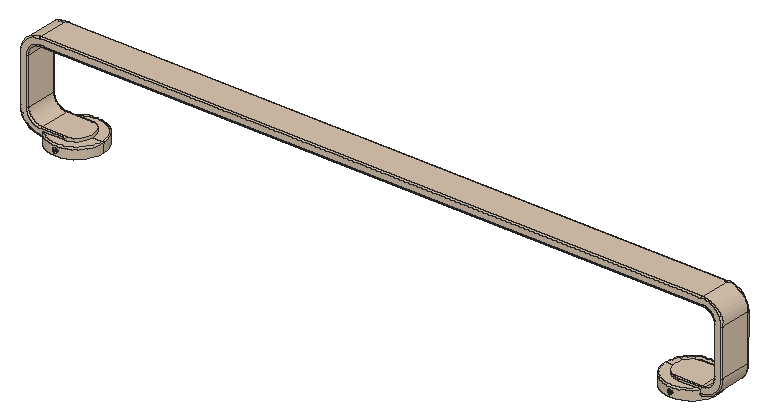
Revit family "Accessory-Towel_Bar-KALLISTA-Guise-P34246_1", category Specialty Equipment, host Face, Revit 2021
Family settings
  Host = Face
  Round Connector Dimension = Use Diameter
  Part Type = Normal
  OmniClass Number = 23.31.25.25
  OmniClass Title = Towel Bars
  Cut with Voids When Loaded = No
  Shared = No
  Room Calculation Point = No
Parameters (values of type "BAF-Brushed French Gold")
  Width = 3.65354"  # constant formula
  WaterSense Certified = 1 = 0  # no
  URL = "https://www.kallista.com/"
  Type = 1
  Product Page URL = ""
  Product Name = "Guise"  # constant formula
  Product Documentation Link = ""
  Model = if(Type = 1, "P34246-00-BAF", if(Type = 2, "P34246-00-BN", if(Type = 3, "P34246-00-CP", if(Type = 4, "P34246-00-PGP", if(Type = 5, "P34246-00-SN", "NA")))))  # "P34246-00-BAF"
  Material = "Premium Metal Construction"  # constant formula
  Master Format 2014 Name = "Toilet, Bath, and Laundry Accessories"  # constant formula
  Master Format 2014 = "10 28 00"  # constant formula
  Manufacturer Address = "444 Highland Dr, Kohler, WI 53044"  # constant formula
  Manufacturer = "Kallista Co."  # constant formula
  Length = 27.40551"  # constant formula
  Height = 2.09843"  # constant formula
  Finish = Kallista-Metal-BAF-Brushed_French_Gold
  Environmental Product Declaration = ""
  Description = "24 Inch Towel Bar"  # constant formula
  Default Elevation = 42"
  Declare Label = ""
  Date Modified = "07/08/2024"  # constant formula
  Date Created = "07/08/2024"  # constant formula
  Copyright = "Copyright Kallista Co."  # constant formula
  Contact Us = "https://www.kallista.com/corporate/contact-us/"
  Assembly Code = "C1030200"
  ADA Compliant = 1 = 0  # no
Types (6): name | Type | Model | Finish
  (no name) | 1 | "P34246-00-BAF" | Kallista-Metal-BAF-Brushed_French_Gold
  BAF-Brushed French Gold | 1 | "P34246-00-BAF" | Kallista-Metal-BAF-Brushed_French_Gold
  BN-Brushed Nickel | 2 | "P34246-00-BN" | Kallista-Metal-BN-Brushed_Nickel
  CP-Chrome | 3 | "P34246-00-CP" | Kallista-Metal-CP-Chrome
  PGP-Polished Graphite | 4 | "P34246-00-PGP" | Kallista-Metal-PGP-Polished_Graphite
  SN-Polished Nickel | 5 | "P34246-00-SN" | Kallista-Metal-SN-Polished_Nickel
Reference planes (in)
  plane 1 "Center (Front/Back)": y = 0
  plane 2: z = 0
  plane 3 "Center (Left/Right)": x = 0
  plane 4: y = 1.04921
  plane 5: y = -1.04921
  plane 6: y = 0.64961
  plane 7: y = -0.64961
  plane 8: x = -13.70276
  plane 9: x = 13.70276
  plane 10: x = -13.04921
  plane 11: x = -10.95079
  plane 12: x = 13.04921
  plane 13: x = 10.95079
  plane 14: z = 3.65354
  plane 15: z = 3.30709
  plane 16: z = 0.3937
  plane 17: x = 12
  plane 18: x = -12
Dimensions and locks (in)
  "Length": plane 8 to plane 9
  plane 10 to plane 11 = 2.09843"
  plane 18 to plane 17 = 24"
  level to plane 15 = 3.30709"
  "Width": plane 14 to level
  plane 6 to plane 7 = 1.29921"
  plane 16 to level = 0.3937"
  "Height": plane 4 to plane 5
  aligned and locked: plane 2 to host face
  aligned and locked: level to host face
  aligned and locked: plane 1 "Center (Front/Back)" to nested 1
  aligned and locked: plane 3 "Center (Left/Right)" to nested 1
Automatic sketch dimensions
  host sketch curve to host sketch curve = 96"  (x2)
Nested families (in)
  nested 1: "P34246" at (0, 0, 0), type "P34246"
Definition of nested family "P34246"
  Parameters
    Material = none
    Default Elevation = 0"
  Reference planes (in)
    plane 1 "Center (Front/Back)": y = 0
    plane 2: z = 0
    plane 3 "Center (Left/Right)": x = 0
    plane 4: z = 3.65354
    plane 5: y = 0.64961
    plane 6: y = -0.64961
    plane 7: y = -1.04921
    plane 8: y = 1.04921
    plane 9: z = 0.3937
    plane 10: z = 3.30709
    plane 11: x = -12
    plane 12: x = 12
    plane 13: x = -13.70276
    plane 14: x = 13.70276
    plane 15: x = -13.04921
    plane 16: x = -10.95079
    plane 17: x = 10.95079
    plane 18: x = 13.04921
  Forms (in)
    Extrusion 1, solid, material <- "Material", detail levels medium+fine
      sketch origin (0, 0, 0) x (0, 1, 0) y (0, 0, 1)
        loop
          line (0.60961, 3.63471) -> (-0.60961, 3.63471)
          arc (-0.60961, 3.63471) -> (-0.63789, 3.62299) -> (-0.64961, 3.59471) r 0.04
          line (-0.64961, 3.59471) -> (-0.64961, 3.35974)
          arc (-0.64961, 3.35974) -> (-0.63789, 3.33146) -> (-0.60961, 3.31974) r 0.04
          line (-0.60961, 3.31974) -> (0.60961, 3.31974)
          arc (0.60961, 3.31974) -> (0.63789, 3.33146) -> (0.64961, 3.35974) r 0.04
          line (0.64961, 3.35974) -> (0.64961, 3.59471)
          arc (0.64961, 3.59471) -> (0.63789, 3.62299) -> (0.60961, 3.63471) r 0.04
      from -12.8873 to 12.8873
    Sweep 2, solid, material <- "Material", detail levels medium+fine
      path origin (0, 0, 0) x (1, 0, 0) y (0, 0, 1)
        loop
          line (-12.8873, 3.63471) -> (-12.92881, 3.63471)
          arc (-12.92881, 3.63471) -> (-13.47925, 3.40671) -> (-13.70724, 2.85627) r 0.77844
          line (-13.70724, 2.85627) -> (-13.70724, 1.02981)
          arc (-13.70724, 1.02981) -> (-13.46047, 0.43403) -> (-12.8647, 0.18726) r 0.84255
          line (-12.8647, 0.18726) -> (-11.32719, 0.18726)
      profile origin (-12.8873, 0, 3.63471) x (0, 0, -1) y (0, -1, 0)
        loop
          line (0.27497, 0.64961) -> (0.04, 0.64961)
          arc (0.04, 0.64961) -> (0.01172, 0.63789) -> (0, 0.60961) r 0.04
          line (0, 0.60961) -> (0, -0.60961)
          arc (0, -0.60961) -> (0.01172, -0.63789) -> (0.04, -0.64961) r 0.04
          line (0.04, -0.64961) -> (0.27497, -0.64961)
          arc (0.27497, -0.64961) -> (0.30325, -0.63789) -> (0.31497, -0.60961) r 0.04
          line (0.31497, -0.60961) -> (0.31497, 0.60961)
          arc (0.31497, 0.60961) -> (0.30325, 0.63789) -> (0.27497, 0.64961) r 0.04
    Extrusion 3, void
      sketch origin (0, 0, 0) x (1, 0, 0) y (0, 1, 0)
        loop
          arc (-12.02082, 0.64961) -> (-11.37122, 0) -> (-12.02082, -0.64961) r 0.64961
          line (-12.02082, -0.64961) -> (-12.83382, -0.64961) -> (-12.83382, -0.91345) -> (-10.66847, -0.91345) -> (-10.66847, 0.90439) -> (-12.94692, 0.90439) -> (-12.94692, 0.64961) -> (-12.02082, 0.64961)
      from 0 to 0.91724
    Sweep 4, solid, material <- "Material", detail levels medium+fine
      path origin (0, 0, 0) x (-1, 0, 0) y (0, 0, -1)
        loop
          line (-12.8873, -3.63471) -> (-12.92881, -3.63471)
          arc (-12.92881, -3.63471) -> (-13.47925, -3.40671) -> (-13.70724, -2.85627) r 0.77844
          line (-13.70724, -2.85627) -> (-13.70724, -1.02981)
          arc (-13.70724, -1.02981) -> (-13.46047, -0.43403) -> (-12.8647, -0.18726) r 0.84255
          line (-12.8647, -0.18726) -> (-11.32719, -0.18726)
      profile origin (12.8873, 0, 3.63471) x (0, 0, 1) y (0, -1, 0)
        loop
          arc (-0.27497, 0.64961) -> (-0.30325, 0.63789) -> (-0.31497, 0.60961) r 0.04
          line (-0.31497, 0.60961) -> (-0.31497, -0.60961)
          arc (-0.31497, -0.60961) -> (-0.30325, -0.63789) -> (-0.27497, -0.64961) r 0.04
          line (-0.27497, -0.64961) -> (-0.04, -0.64961)
          arc (-0.04, -0.64961) -> (-0.01172, -0.63789) -> (0, -0.60961) r 0.04
          line (0, -0.60961) -> (0, 0.60961)
          arc (0, 0.60961) -> (-0.01172, 0.63789) -> (-0.04, 0.64961) r 0.04
          line (-0.04, 0.64961) -> (-0.27497, 0.64961)
    Extrusion 5, void
      sketch origin (0, 0, 0) x (-1, 0, 0) y (0, -1, 0)
        loop
          line (-12.02082, -0.64961) -> (-12.94692, -0.64961) -> (-12.94692, -0.90439) -> (-10.66847, -0.90439) -> (-10.66847, 0.91345) -> (-12.83382, 0.91345) -> (-12.83382, 0.64961) -> (-12.02082, 0.64961)
          arc (-12.02082, 0.64961) -> (-11.37122, 0) -> (-12.02082, -0.64961) r 0.64961
      from 0 to 0.91724
    Revolve 6, solid, material <- "Material", detail levels medium+fine
      sketch origin (0, 0, 0) x (1, 0, 0) y (0, 0, 1)
        loop
          line (-12, 0) -> (-10.95079, 0) -> (-10.95079, 0.34646)
          arc (-10.95079, 0.34646) -> (-10.96462, 0.37986) -> (-10.99803, 0.3937) r 0.04724
          line (-10.99803, 0.3937) -> (-12, 0.3937) -> (-12, 0)
        axis (-12, 0) -> (-12, 0.3937)
      angle from 0 to 360
    Revolve 7, solid, material <- "Material", detail levels medium+fine
      sketch origin (0, 0, 0) x (-1, 0, 0) y (0, 0, -1)
        loop
          line (-12, 0) -> (-12, -0.3937) -> (-10.99803, -0.3937)
          arc (-10.99803, -0.3937) -> (-10.96462, -0.37986) -> (-10.95079, -0.34646) r 0.04724
          line (-10.95079, -0.34646) -> (-10.95079, 0) -> (-12, 0)
        axis (-12, 0) -> (-12, -0.3937)
      angle from 0 to 360
    Extrusion 8, void
      sketch origin (0, 0, 0) x (1, 0, 0) y (0, 0, 1)
        loop
          circle (-12, 0.17906) r 0.09843
        loop
          circle (12, 0.17906) r 0.09843
      from 0.75807 to 1.15613
    Extrusion 9, solid, detail levels medium+fine
      sketch origin (0, 0, 0) x (1, 0, 0) y (0, 0, 1)
        loop
          circle (-12, 0.17906) r 0.07874
        loop
          line (-11.97159, 0.22827) -> (-12.02841, 0.22827) -> (-12.05683, 0.17906) -> (-12.02841, 0.12984) -> (-11.97159, 0.12984) -> (-11.94317, 0.17906) -> (-11.97159, 0.22827)
        loop
          circle (12, 0.17906) r 0.07874
        loop
          line (11.97159, 0.22827) -> (11.94317, 0.17906) -> (11.97159, 0.12984) -> (12.02841, 0.12984) -> (12.05683, 0.17906) -> (12.02841, 0.22827) -> (11.97159, 0.22827)
      from 0.9252 to 1.04921
    Sweep 10, solid, material <- "Material", detail levels coarse
      path origin (0, 0, 0) x (1, 0, 0) y (0, 0, 1)
        loop
          line (-11.28945, 0.18774) -> (-12.92592, 0.18774)
          arc (-12.92592, 0.18774) -> (-13.4827, 0.41836) -> (-13.71332, 0.97514) r 0.7874
          line (-13.71332, 0.97514) -> (-13.71332, 2.84802)
          arc (-13.71332, 2.84802) -> (-13.4827, 3.4048) -> (-12.92592, 3.63542) r 0.7874
          line (-12.92592, 3.63542) -> (12.91558, 3.63542)
          arc (12.91558, 3.63542) -> (13.47236, 3.4048) -> (13.70298, 2.84802) r 0.7874
          line (13.70298, 2.84802) -> (13.70298, 0.97514)
          arc (13.70298, 0.97514) -> (13.47236, 0.41836) -> (12.91558, 0.18774) r 0.7874
          line (12.91558, 0.18774) -> (11.27911, 0.18774)
      profile origin (-0.00517, 0, 3.63542) x (0, 0, 1) y (0, -1, 0)
        loop
          line (-0.00071, -0.64961) -> (-0.00071, 0.64961) -> (-0.31568, 0.64961) -> (-0.31568, -0.64961) -> (-0.00071, -0.64961)
    Revolve 11, solid, material <- "Material", detail levels coarse
      sketch origin (0, 0, 0) x (1, 0, 0) y (0, 0, 1)
        loop
          line (-12, 0) -> (-10.95079, 0) -> (-10.95079, 0.3937) -> (-12, 0.3937) -> (-12, 0)
        axis (-12, 0) -> (-12, 0.3937)
      angle from 0 to 360
    Revolve 12, solid, material <- "Material", detail levels coarse
      sketch origin (0, 0, 0) x (-1, 0, 0) y (0, 0, -1)
        loop
          line (-12, 0) -> (-12, -0.3937) -> (-10.95079, -0.3937) -> (-10.95079, 0) -> (-12, 0)
        axis (-12, 0) -> (-12, -0.3937)
      angle from 0 to 360
  Cuts and joins
    Extrusion 3, Extrusion 5 cuts Sweep 2
    Extrusion 5 cuts Sweep 4
    Extrusion 8 cuts Revolve 6
    Extrusion 8 cuts Revolve 7
    joined: Extrusion 1, Sweep 2, Sweep 4, Revolve 6, Revolve 7
    Extrusion 3, Extrusion 5 cuts Sweep 10
  Lines and regions (in)
    Masking region 1
      outline origin (0, 0, 0) x (0, 1, 0) y (0, 0, 1)
        loop
          line (1.04921, 0) -> (1.04921, 0.36191)
          arc (1.04921, 0.36191) -> (1.0399, 0.38439) -> (1.01742, 0.3937) r 0.03179
          line (1.01742, 0.3937) -> (0.70866, 0.3937)
          arc (0.70866, 0.3937) -> (0.6669, 0.411) -> (0.64961, 0.45276) r 0.05906
          line (0.64961, 0.45276) -> (0.64961, 3.62402)
          arc (0.64961, 3.62402) -> (0.64096, 3.64489) -> (0.62008, 3.65354) r 0.02953
          line (0.62008, 3.65354) -> (0, 3.65354) -> (-0.62008, 3.65354)
          arc (-0.62008, 3.65354) -> (-0.64096, 3.64489) -> (-0.64961, 3.62402) r 0.02953
          line (-0.64961, 3.62402) -> (-0.64961, 0.45276)
          arc (-0.64961, 0.45276) -> (-0.6669, 0.411) -> (-0.70866, 0.3937) r 0.05906
          line (-0.70866, 0.3937) -> (-1.01742, 0.3937)
          arc (-1.01742, 0.3937) -> (-1.0399, 0.38439) -> (-1.04921, 0.36191) r 0.03179
          line (-1.04921, 0.36191) -> (-1.04921, 0) -> (0, 0) -> (1.04921, 0)
    Masking region 2
      outline origin (0, 0, 0) x (1, 0, 0) y (0, 0, 1)
        loop
          line (13.04921, 0) -> (13.04921, 0.14128)
          arc (13.04921, 0.14128) -> (13.07142, 0.21022) -> (13.12969, 0.25324) r 0.11811
          arc (13.12969, 0.25324) -> (13.53782, 0.55004) -> (13.70276, 1.02695) r 0.8415
          line (13.70276, 1.02695) -> (13.70276, 2.82639)
          arc (13.70276, 2.82639) -> (13.4606, 3.41101) -> (12.87598, 3.65317) r 0.82677
          line (12.87598, 3.65317) -> (0, 3.65317) -> (-12.87598, 3.65317)
          arc (-12.87598, 3.65317) -> (-13.4606, 3.41101) -> (-13.70276, 2.82639) r 0.82677
          line (-13.70276, 2.82639) -> (-13.70276, 1.02695)
          arc (-13.70276, 1.02695) -> (-13.53782, 0.55004) -> (-13.12969, 0.25324) r 0.8415
          arc (-13.12969, 0.25324) -> (-13.07142, 0.21022) -> (-13.04921, 0.14128) r 0.11811
          line (-13.04921, 0.14128) -> (-13.04921, 0) -> (-10.95079, 0) -> (-10.95079, 0.35433)
          arc (-10.95079, 0.35433) -> (-10.96232, 0.38217) -> (-10.99016, 0.3937) r 0.03937
          line (-10.99016, 0.3937) -> (-11.2819, 0.3937)
          arc (-11.2819, 0.3937) -> (-11.33031, 0.41375) -> (-11.35036, 0.46216) r 0.06846
          line (-11.35036, 0.46216) -> (-11.35036, 0.49294)
          arc (-11.35036, 0.49294) -> (-11.36201, 0.52106) -> (-11.39013, 0.53271) r 0.03977
          line (-11.39013, 0.53271) -> (-12.89541, 0.53271)
          arc (-12.89541, 0.53271) -> (-13.2434, 0.67685) -> (-13.38754, 1.02484) r 0.49213
          line (-13.38754, 1.02484) -> (-13.38754, 2.81496)
          arc (-13.38754, 2.81496) -> (-13.2434, 3.16295) -> (-12.89541, 3.30709) r 0.49213
          line (-12.89541, 3.30709) -> (0, 3.30709) -> (12.89541, 3.30709)
          arc (12.89541, 3.30709) -> (13.2434, 3.16295) -> (13.38754, 2.81496) r 0.49213
          line (13.38754, 2.81496) -> (13.38754, 1.02484)
          arc (13.38754, 1.02484) -> (13.2434, 0.67685) -> (12.89541, 0.53271) r 0.49213
          line (12.89541, 0.53271) -> (11.39013, 0.53271)
          arc (11.39013, 0.53271) -> (11.36201, 0.52106) -> (11.35036, 0.49294) r 0.03977
          line (11.35036, 0.49294) -> (11.35036, 0.46216)
          arc (11.35036, 0.46216) -> (11.33031, 0.41375) -> (11.2819, 0.3937) r 0.06846
          line (11.2819, 0.3937) -> (10.99016, 0.3937)
          arc (10.99016, 0.3937) -> (10.96232, 0.38217) -> (10.95079, 0.35433) r 0.03937
          line (10.95079, 0.35433) -> (10.95079, 0) -> (13.04921, 0)
    Masking region 3
      outline origin (0, 0, 0) x (1, 0, 0) y (0, 1, 0)
        loop
          line (-12.87345, 0.64961) -> (-13.66339, 0.64961)
          arc (-13.66339, 0.64961) -> (-13.69122, 0.63808) -> (-13.70276, 0.61024) r 0.03937
          line (-13.70276, 0.61024) -> (-13.70276, 0) -> (-13.70276, -0.61024)
          arc (-13.70276, -0.61024) -> (-13.69122, -0.63808) -> (-13.66339, -0.64961) r 0.03937
          line (-13.66339, -0.64961) -> (-12.87345, -0.64961)
          arc (-12.87345, -0.64961) -> (-12.83719, -0.65737) -> (-12.80728, -0.67929) r 0.08858
          arc (-12.80728, -0.67929) -> (-12.44247, -0.94898) -> (-12, -1.04921) r 1.10417
          arc (-12, -1.04921) -> (-11.53982, -0.94068) -> (-11.16722, -0.64961) r 1.10417
          line (-11.16722, -0.64961) -> (0, -0.64961) -> (11.16722, -0.64961)
          arc (11.16722, -0.64961) -> (11.53982, -0.94068) -> (12, -1.04921) r 1.10417
          arc (12, -1.04921) -> (12.44247, -0.94898) -> (12.80728, -0.67929) r 1.10417
          arc (12.80728, -0.67929) -> (12.83719, -0.65737) -> (12.87345, -0.64961) r 0.08858
          line (12.87345, -0.64961) -> (13.66339, -0.64961)
          arc (13.66339, -0.64961) -> (13.69122, -0.63808) -> (13.70276, -0.61024) r 0.03937
          line (13.70276, -0.61024) -> (13.70276, 0) -> (13.70276, 0.61024)
          arc (13.70276, 0.61024) -> (13.69122, 0.63808) -> (13.66339, 0.64961) r 0.03937
          line (13.66339, 0.64961) -> (12.87345, 0.64961)
          arc (12.87345, 0.64961) -> (12.83719, 0.65737) -> (12.80728, 0.67929) r 0.08858
          arc (12.80728, 0.67929) -> (12.44247, 0.94898) -> (12, 1.04921) r 1.10417
          arc (12, 1.04921) -> (11.53982, 0.94068) -> (11.16722, 0.64961) r 1.10417
          line (11.16722, 0.64961) -> (0, 0.64961) -> (-11.16722, 0.64961)
          arc (-11.16722, 0.64961) -> (-11.53982, 0.94068) -> (-12, 1.04921) r 1.10417
          arc (-12, 1.04921) -> (-12.44247, 0.94898) -> (-12.80728, 0.67929) r 1.10417
          arc (-12.80728, 0.67929) -> (-12.83719, 0.65737) -> (-12.87345, 0.64961) r 0.08858
    symbolic lines, detail levels medium+fine
      curve 1: line (0, 0.62008, 3.65354) -> (0, 0.62008, 0.21116)
      curve 2: line (0, 1.04921, 0.36191) -> (0, 0.64961, 0.36191)
      curve 3: line (0, 0.64961, 0.45276) -> (0, 0.64961, 0.36191)
      curve 4: line (0, 0.64961, 0.36191) -> (0, 0.64961, 0.24445)
      curve 5: arc (0, 0.64961, 0.24445) -> (0, 0.64116, 0.2222) -> (0, 0.62008, 0.21116) r 0.03353
      curve 6: arc (0, 0.62008, 0.21116) -> (0, 0.49571, 0.20551) -> (0, 0.37187, 0.2183) r 0.84016
      curve 7: arc (0, 0.37187, 0.2183) -> (0, 0.18667, 0.24318) -> (0, 0, 0.25189) r 2.14908
      curve 8: arc (0, 0, 0.12242) -> (0, 0.26108, 0.11268) -> (0, 0.52085, 0.0849) r 3.77255
      curve 9: line (0, 0.69168, 0.33559) -> (0, 0.69168, 0.23317)
      curve 10: arc (0, 0.69168, 0.23317) -> (0, 0.64009, 0.12007) -> (0, 0.52085, 0.0849) r 0.14976
      curve 11: arc (0, 0.70866, 0.3937) -> (0, 0.69602, 0.36586) -> (0, 0.69168, 0.33559) r 0.10793
      curve 12: line (0, 0.64961, 1.01806) -> (0, 0, 1.01806)
      curve 13: line (0, 0.64961, 2.82405) -> (0, 0, 2.82405)
      curve 14: line (0, -0.62008, 3.65354) -> (0, -0.62008, 0.21116)
      curve 15: line (0, -1.04921, 0.36191) -> (0, -0.64961, 0.36191)
      curve 16: line (0, -0.64961, 0.45276) -> (0, -0.64961, 0.36191)
      curve 17: line (0, -0.64961, 0.36191) -> (0, -0.64961, 0.24445)
      curve 18: arc (0, -0.64961, 0.24445) -> (0, -0.64116, 0.2222) -> (0, -0.62008, 0.21116) r 0.03353
      curve 19: arc (0, -0.62008, 0.21116) -> (0, -0.49571, 0.20551) -> (0, -0.37187, 0.2183) r 0.84016
      curve 20: arc (0, -0.37187, 0.2183) -> (0, -0.18667, 0.24318) -> (0, 0, 0.25189) r 2.14908
      curve 21: arc (0, 0, 0.12242) -> (0, -0.26108, 0.11268) -> (0, -0.52085, 0.0849) r 3.77255
      curve 22: line (0, -0.69168, 0.33559) -> (0, -0.69168, 0.23317)
      curve 23: arc (0, -0.69168, 0.23317) -> (0, -0.64009, 0.12007) -> (0, -0.52085, 0.0849) r 0.14976
      curve 24: arc (0, -0.70866, 0.3937) -> (0, -0.69602, 0.36586) -> (0, -0.69168, 0.33559) r 0.10793
      curve 25: line (0, -0.64961, 1.01806) -> (0, 0, 1.01806)
      curve 26: line (0, -0.64961, 2.82405) -> (0, 0, 2.82405)
      curve 27: arc (13.41707, 0, 1.02484) -> (13.26428, 0, 0.65597) -> (12.89541, 0, 0.50318) r 0.52165
      curve 28: line (13.41707, 0, 1.02484) -> (13.41707, 0, 2.81496)
      curve 29: arc (13.41707, 0, 2.81496) -> (13.26428, 0, 3.18383) -> (12.89541, 0, 3.33661) r 0.52165
      curve 30: line (12.89541, 0, 3.33661) -> (0, 0, 3.33661)
      curve 31: line (12.87598, 0, 3.62364) -> (0, 0, 3.62364)
      curve 32: arc (13.67323, 0, 2.82639) -> (13.43972, 0, 3.39013) -> (12.87598, 0, 3.62364) r 0.79724
      curve 33: line (13.67323, 0, 1.02738) -> (13.67323, 0, 2.82639)
      curve 34: arc (13.12029, 0, 0.28123) -> (13.51396, 0, 0.56744) -> (13.67323, 0, 1.02738) r 0.81197
      curve 35: line (12.89541, 0, 0.50318) -> (11.35036, 0, 0.49294)
      curve 36: arc (12.7929, 0, 0.24183) -> (12.83607, 0, 0.23932) -> (12.87931, 0, 0.23911) r 0.81197
      curve 37: line (13.04921, 0, 0.14128) -> (12.90415, 0, 0.10241)
      curve 38: arc (12.7929, 0, 0.24183) -> (12.80318, 0, 0.18991) -> (12.82868, 0, 0.14353) r 0.17295
      curve 39: arc (12.82868, 0, 0.14353) -> (12.86208, 0, 0.11501) -> (12.90415, 0, 0.10241) r 0.10641
      curve 40: line (12.7929, 0, 0.24183) -> (12.77599, 0, 0)
      curve 41: line (12.7929, 0, 0.24183) -> (12.7929, 0, 0.35433)
      curve 42: line (12.75353, 0, 0.3937) -> (11.2819, 0, 0.3937)
      curve 43: arc (12.7929, 0, 0.35433) -> (12.78137, 0, 0.38217) -> (12.75353, 0, 0.3937) r 0.03937
      curve 44: arc (12.87931, 0, 0.23911) -> (13.00139, 0, 0.25104) -> (13.12029, 0, 0.28123) r 0.81197
      curve 45: line (12.7929, 0, 0.35433) -> (10.95079, 0, 0.35433)
      curve 46: arc (-13.41707, 0, 1.02484) -> (-13.26428, 0, 0.65597) -> (-12.89541, 0, 0.50318) r 0.52165
      curve 47: line (-13.41707, 0, 1.02484) -> (-13.41707, 0, 2.81496)
      curve 48: arc (-13.41707, 0, 2.81496) -> (-13.26428, 0, 3.18383) -> (-12.89541, 0, 3.33661) r 0.52165
      curve 49: line (-12.89541, 0, 3.33661) -> (0, 0, 3.33661)
      curve 50: line (-12.87598, 0, 3.62364) -> (0, 0, 3.62364)
      curve 51: arc (-13.67323, 0, 2.82639) -> (-13.43972, 0, 3.39013) -> (-12.87598, 0, 3.62364) r 0.79724
      curve 52: line (-13.67323, 0, 1.02738) -> (-13.67323, 0, 2.82639)
      curve 53: arc (-13.12029, 0, 0.28123) -> (-13.51396, 0, 0.56744) -> (-13.67323, 0, 1.02738) r 0.81197
      curve 54: line (-12.89541, 0, 0.50318) -> (-11.35036, 0, 0.49294)
      curve 55: arc (-12.7929, 0, 0.24183) -> (-12.83607, 0, 0.23932) -> (-12.87931, 0, 0.23911) r 0.81197
      curve 56: line (-13.04921, 0, 0.14128) -> (-12.90415, 0, 0.10241)
      curve 57: arc (-12.7929, 0, 0.24183) -> (-12.80318, 0, 0.18991) -> (-12.82868, 0, 0.14353) r 0.17295
      curve 58: arc (-12.82868, 0, 0.14353) -> (-12.86208, 0, 0.11501) -> (-12.90415, 0, 0.10241) r 0.10641
      curve 59: line (-12.7929, 0, 0.24183) -> (-12.77599, 0, 0)
      curve 60: line (-12.7929, 0, 0.24183) -> (-12.7929, 0, 0.35433)
      curve 61: line (-12.75353, 0, 0.3937) -> (-11.2819, 0, 0.3937)
      curve 62: arc (-12.7929, 0, 0.35433) -> (-12.78137, 0, 0.38217) -> (-12.75353, 0, 0.3937) r 0.03937
      curve 63: arc (-12.87931, 0, 0.23911) -> (-13.00139, 0, 0.25104) -> (-13.12029, 0, 0.28123) r 0.81197
      curve 64: line (-12.7929, 0, 0.35433) -> (-10.95079, 0, 0.35433)
      curve 65: line (12.87598, 0, 3.65317) -> (12.87598, 0, 3.30709)
      curve 66: line (-12.87598, 0, 3.65317) -> (-12.87598, 0, 3.30709)
      curve 67: line (-12.87345, 0.64961, 0) -> (-11.16722, 0.64961, 0)
      curve 68: line (-12.80728, 0.67929, 0) -> (-12.74575, 0.70169, 0)
      curve 69: arc (-12.74575, 0.70169, 0) -> (-12.40401, 0.93371, 0) -> (-12, 1.01968, 0) r 1.07464
      curve 70: arc (-11.20594, 0.64961, 0) -> (-11.56354, 0.91923, 0) -> (-12, 1.01968, 0) r 1.07464
      curve 71: line (-12.74575, 0.70169, 0) -> (-12, 0.70169, 0)
      curve 72: arc (-12, 0.70169, 0) -> (-11.84782, 0.68857, 0) -> (-11.70012, 0.64961, 0) r 0.88929
      curve 73: line (-12.74575, 0.70169, 0) -> (-12.74575, 0.64961, 0)
      curve 74: line (-12.87345, -0.64961, 0) -> (-11.16722, -0.64961, 0)
      curve 75: line (-12.80728, -0.67929, 0) -> (-12.74575, -0.70169, 0)
      curve 76: arc (-12.74575, -0.70169, 0) -> (-12.40401, -0.93371, 0) -> (-12, -1.01968, 0) r 1.07464
      curve 77: arc (-11.20594, -0.64961, 0) -> (-11.56354, -0.91923, 0) -> (-12, -1.01968, 0) r 1.07464
      curve 78: line (-12.74575, -0.70169, 0) -> (-12, -0.70169, 0)
      curve 79: arc (-12, -0.70169, 0) -> (-11.84782, -0.68857, 0) -> (-11.70012, -0.64961, 0) r 0.88929
      curve 80: line (-12.74575, -0.70169, 0) -> (-12.74575, -0.64961, 0)
      curve 81: line (-12.87345, 0.64961, 0) -> (-12.87345, -0.64961, 0)
      curve 82: line (-13.70276, 0.61024, 0) -> (-12.87345, 0.61024, 0)
      curve 83: line (-13.70276, -0.61024, 0) -> (-12.87345, -0.61024, 0)
      curve 84: line (-12.87345, 0.61024, 0) -> (0, 0.61024, 0)
      curve 85: line (-12.87345, -0.61024, 0) -> (0, -0.61024, 0)
      curve 86: line (12.87345, 0.64961, 0) -> (11.16722, 0.64961, 0)
      curve 87: line (12.80728, 0.67929, 0) -> (12.74575, 0.70169, 0)
      curve 88: arc (12.74575, 0.70169, 0) -> (12.40401, 0.93371, 0) -> (12, 1.01968, 0) r 1.07464
      curve 89: arc (11.20594, 0.64961, 0) -> (11.56354, 0.91923, 0) -> (12, 1.01968, 0) r 1.07464
      curve 90: line (12.74575, 0.70169, 0) -> (12, 0.70169, 0)
      curve 91: arc (12, 0.70169, 0) -> (11.84782, 0.68857, 0) -> (11.70012, 0.64961, 0) r 0.88929
      curve 92: line (12.74575, 0.70169, 0) -> (12.74575, 0.64961, 0)
      curve 93: line (12.87345, -0.64961, 0) -> (11.16722, -0.64961, 0)
      curve 94: line (12.80728, -0.67929, 0) -> (12.74575, -0.70169, 0)
      curve 95: arc (12.74575, -0.70169, 0) -> (12.40401, -0.93371, 0) -> (12, -1.01968, 0) r 1.07464
      curve 96: arc (11.20594, -0.64961, 0) -> (11.56354, -0.91923, 0) -> (12, -1.01968, 0) r 1.07464
      curve 97: line (12.74575, -0.70169, 0) -> (12, -0.70169, 0)
      curve 98: arc (12, -0.70169, 0) -> (11.84782, -0.68857, 0) -> (11.70012, -0.64961, 0) r 0.88929
      curve 99: line (12.74575, -0.70169, 0) -> (12.74575, -0.64961, 0)
      curve 100: line (12.87345, 0.64961, 0) -> (12.87345, -0.64961, 0)
      curve 101: line (13.70276, 0.61024, 0) -> (12.87345, 0.61024, 0)
      curve 102: line (13.70276, -0.61024, 0) -> (12.87345, -0.61024, 0)
      curve 103: line (12.87345, 0.61024, 0) -> (0, 0.61024, 0)
      curve 104: line (12.87345, -0.61024, 0) -> (0, -0.61024, 0)
  Dimensions and locks (in)
    aligned and locked: plane 2 to level
    aligned and locked: Masking region 2 sketch curve to level
